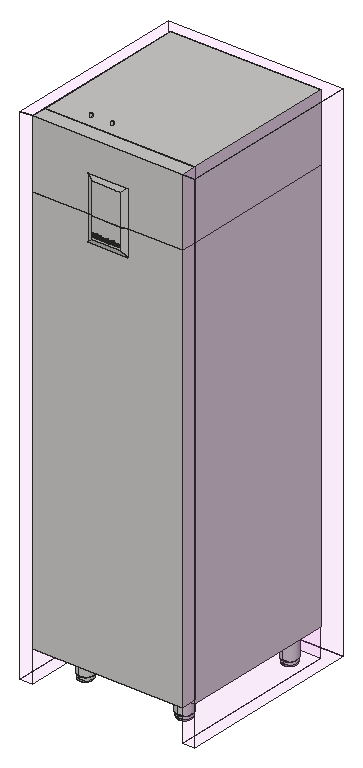
Revit family "QF_ELECTROLUXPROFESSIONAL_691340_PS04R1FRCO2", category Specialty Equipment, Revit 2018
Family settings
  Round Connector Dimension = Use Diameter
  Part Type = Normal
  Work Plane-Based = No
  Always vertical = Yes
  Cut with Voids When Loaded = No
  Shared = No
  Room Calculation Point = No
Parameters (values of type "Standard")
  Weight = 20.5746 lbm
  Watts = 0 W
  Volts = 220 V
  URL Manufacturer = "http://professional.electrolux.com"
  URL = "http://professional.electrolux.com"
  Steam Supply Size = 0"
  Steam Supply Minimum Pressure = 0.00 psi
  Steam Supply Maximum Pressure = 0.00 psi
  Steam Pounds per Hour = 0
  Show Clearance [instance] = yes
  Refrigeration Suction Line Size = 0.02625"
  Refrigeration Liquid Line Size = 0.02625"
  Refrigerant Compressor Remote = yes
  Phase = 1
  Model = "PS04R1FRCO2"
  Manufacturer = "Electrolux Professional"
  Length Actual = 600 mm  # constant formula
  Item Number = "691340"
  Hot Water Size = 0"
  Height Actual = 2040 mm  # constant formula
  HP = "0.2 HP"
  Gas Size = 0"
  Gas KW = 0
  Gas Input Pressure = 0.0 Btu/h
  Direct Waste Size = 0"
  Description = "1-DOOR REFRIGERATOR 470LT,0/+10°, PROSTORE,REMOTE,CO2+VALVE"
  Depth Actual = 700 mm  # constant formula
  Cycle = 60 Hz
  Condensate Return Size = 0"
  Compressed Air Volume = 0 GPM
  Compressed Air Size = 0"
  Compressed Air Pressure = 0.00 psi
  Cold Water Size = 0"
  Accessory = yes
Types (2, lengths in mm): name | URL | Phase | Model | Manufacturer | Description
  (no name) | "http://professional.electrolux.com/" | 0 | "RBC201" | "Electrolux" | "BLAST CHILLER 56 KG 20 GN1/1"
  Standard | "http://professional.electrolux.com" | 1 | "PS04R1FRCO2" | "Electrolux Professional" | "1-DOOR REFRIGERATOR 470LT,0/+10°, PROSTORE,REMOTE,CO2+VALVE"
Values of the unnamed type that differ from the named types
  Volts = 380 V
  URL Manufacturer = "http://professional.electrolux.com/"
  Item Number = "726624"
  Cycle = 50 Hz
Reference planes
  plane 1 "BACK": y = 0
  plane 2: z = 0
  plane 3 "LEFT": x = 0
  plane 4 "RIGHT": x = 600
  plane 5 "FRONT": y = -700
  plane 6 "TOP": z = 2040
  plane 7 "Center Y": x = 300
  plane 8 "Center X": y = -350
  plane 9: x = 102
  plane 10: x = 498
  plane 11: z = 115
  plane 12: z = 86
  plane 13: y = -80
  plane 14: y = -694
  plane 15: y = -1227
  plane 16: y = -630
  plane 17: z = 1770
  plane 18: x = -50
  plane 19: y = 50
  plane 20: x = 650
Forms (mm)
  Extrusion 1, solid, material "QF_Metal - Stainless - Polished"
    sketch origin (0, 0, 0) x (1, 0, 0) y (0, 0, 1)
      loop
        line (0, 2040) -> (0, 1770) -> (600, 1770) -> (600, 2040) -> (0, 2040)
    from 0 to 630
  Extrusion 2, solid, material "QF_Metal - Stainless - Polished"
    sketch origin (0, 0, 0) x (1, 0, 0) y (0, 0, 1)
      loop
        line (0, 1770) -> (0, 115) -> (600, 115) -> (600, 1770) -> (0, 1770)
    from 0 to 630
  Extrusion 3, solid, material "QF_Metal - Stainless - Polished"
    sketch origin (-370, 0, -128) x (1, 0, 0) y (0, 0, 1)
      loop
        circle (450, 1847.083) r 20
    from -7.507 to 0
  Extrusion 4, solid, material "QF_Door-Drawer Clearances", visible <- "Show Clearance", detail levels coarse
    sketch origin (0, 0, 0) x (1, 0, 0) y (0, 1, 0)
      loop
        line (600, -694) -> (0, -694)
        arc (0, -694) -> (187.42, -1087.232) -> (600, -1227) r 559.707
        line (600, -1227) -> (600, -694)
    from 127.536 to 1770
  Extrusion 5, solid, material "QF_Metal - Stainless - Polished"
    sketch origin (0, 130.478, 0) x (1, 0, 0) y (0, 0, 1)
      loop
        line (0, 2040) -> (0, 1770) -> (600, 1770) -> (600, 2040) -> (0, 2040)
    from 760.478 to 824.478
  Extrusion 6, solid, material "QF_Metal - Stainless - Polished"
    sketch origin (0, 140, 0) x (1, 0, 0) y (0, 0, 1)
      loop
        line (0, 1770) -> (0, 127.536) -> (600, 127.536) -> (600, 1770) -> (0, 1770)
    from 834 to 770
  Revolve 7, solid, material "QF_Metal - Stainless - Polished"
    sketch origin (497.59, -2.833, 0) x (0, 1, 0) y (0, 0, -1)
      loop
        line (-590.954, -115) -> (-553.167, -115) -> (-553.167, 0) -> (-578.757, 0)
        arc (-578.757, 0) -> (-580.973, -2.655) -> (-581.767, -6.021) r 7.527
        line (-581.767, -6.021) -> (-581.767, -17.561) -> (-585.28, -21.074) -> (-585.28, -110.008) -> (-590.954, -110.008) -> (-590.954, -115)
      axis (-553.167, 0) -> (-553.167, -115)
    angle from 0 to 360
  Revolve 8, solid, material "QF_Metal - Stainless - Polished"
    sketch origin (102, -2.833, 0) x (0, 1, 0) y (0, 0, 1)
      loop
        line (-590.954, 115) -> (-590.954, 110.008) -> (-585.28, 110.008) -> (-585.28, 21.074) -> (-581.767, 17.561) -> (-581.767, 6.021)
        arc (-581.767, 6.021) -> (-580.973, 2.655) -> (-578.757, 0) r 7.527
        line (-578.757, 0) -> (-553.167, 0) -> (-553.167, 115) -> (-590.954, 115)
      axis (-553.167, 0) -> (-553.167, 115)
    angle from 0 to 360
  Revolve 9, solid, material "QF_Metal - Stainless - Polished"
    sketch origin (538, -759.167, 0) x (0, -1, 0) y (0, 0, 1)
      loop
        line (-716.954, 115) -> (-716.954, 110.008) -> (-711.28, 110.008) -> (-711.28, 21.074) -> (-707.767, 17.561) -> (-707.767, 6.021)
        arc (-707.767, 6.021) -> (-706.973, 2.655) -> (-704.757, 0) r 7.527
        line (-704.757, 0) -> (-679.167, 0) -> (-679.167, 115) -> (-716.954, 115)
      axis (-679.167, 0) -> (-679.167, 115)
    angle from 0 to 360
  Revolve 10, solid, material "QF_Metal - Stainless - Polished"
    sketch origin (62, -759.167, 0) x (0, -1, 0) y (0, 0, 1)
      loop
        line (-716.954, 115) -> (-716.954, 110.008) -> (-711.28, 110.008) -> (-711.28, 21.074) -> (-707.767, 17.561) -> (-707.767, 6.021)
        arc (-707.767, 6.021) -> (-706.973, 2.655) -> (-704.757, 0) r 7.527
        line (-704.757, 0) -> (-679.167, 0) -> (-679.167, 115) -> (-716.954, 115)
      axis (-679.167, 0) -> (-679.167, 115)
    angle from 0 to 360
  Blend 11, solid, material "QF_Metal - Stainless - Polished"
    base sketch origin (-150, -694, 0) x (1, 0, 0) y (0, 0, 1)
      loop
        line (370, 1914.822) -> (370, 1664.822) -> (530, 1664.822) -> (530, 1914.822) -> (370, 1914.822)
    top sketch origin (-150, -694, 0) x (1, 0, 0) y (0, 0, 1)
      loop
        line (510, 1894.822) -> (390, 1894.822) -> (390, 1684.822) -> (510, 1684.822) -> (510, 1894.822)
    from 0 to 6
  Extrusion 12, void
    sketch origin (-150, -700, 0) x (-1, 0, 0) y (0, 0, 1)
      loop
        line (-370, 1770.997) -> (-530, 1770.997) -> (-530, 1769.003) -> (-370, 1769.003) -> (-370, 1770.997)
    from 0 to 6
  Extrusion 13, solid, material "QF_Metal - Stainless - Polished"
    sketch origin (-197.1, -490.153, 2040) x (1, 0, 0) y (0, 1, 0)
      loop
        circle (425.128, -89.847) r 4
    from 0 to 10
  Extrusion 14, solid, material "QF_Metal - Stainless - Polished"
    sketch origin (-282.128, -490.153, 2040) x (1, 0, 0) y (0, 1, 0)
      loop
        circle (425.128, -89.847) r 4
    from 0 to 10
  Extrusion 15, solid, material "QF_Door-Drawer Clearances"
    sketch origin (0, 0, 0) x (1, 0, 0) y (0, 1, 0)
      loop
        line (0, -694) -> (0, 0) -> (600, 0) -> (600, -694) -> (650, -694) -> (650, 50) -> (-50, 50) -> (-50, -694) -> (0, -694)
    from 0 to 2040
Cuts and joins
  Extrusion 12 cuts Extrusion 1
  Extrusion 12 cuts Extrusion 2
  Extrusion 12 cuts Extrusion 5
  Extrusion 12 cuts Extrusion 6
  Extrusion 12 cuts Blend 11
Lines and regions (mm)
  Split face 1
    outline origin (-150, -700, 0) x (1, 0, 0) y (0, 0, 1)
      loop
        line (415, 1894.822) -> (415, 1742.499) -> (485, 1742.499) -> (485, 1894.822)
  symbolic lines
    curve 1: line (0, 0, 0) -> (600, 0, 0)
    curve 2: line (0, -694, 0) -> (0, 0, 0)
    curve 3: line (600, -694, 0) -> (0, -694, 0)
    curve 4: line (600, 0, 0) -> (600, -694, 0)
    curve 5: line (0, -630, 0) -> (600, -630, 0)
    curve 6: line (220, -694, 0) -> (240, -700, 0)
    curve 7: line (240, -700, 0) -> (360, -700, 0)
    curve 8: line (360, -700, 0) -> (380, -694, 0)
  symbolic lines, style "QF_Door-Drawer Clearances"
    curve 9: arc (0, -694, 0) -> (187.42, -1087.232, 0) -> (600, -1227, 0) r 559.707
    curve 10: line (600, -1227, 0) -> (600, -694, 0)
    curve 11: line (0, -694, 0) -> (-50, -694, 0)
    curve 12: line (-50, -694, 0) -> (-50, 50, 0)
    curve 13: line (-50, 50, 0) -> (650, 50, 0)
    curve 14: line (650, 50, 0) -> (650, -694, 0)
    curve 15: line (650, -694, 0) -> (600, -694, 0)
Dimensions and locks
  equal spacing: plane 3 "LEFT", plane 7 "Center Y", plane 4 "RIGHT"
  plane 3 "LEFT" to plane 4 "RIGHT" = 600 mm
  equal spacing: plane 5 "FRONT", plane 8 "Center X", plane 1 "BACK"
  plane 5 "FRONT" to plane 1 "BACK" = 700 mm
  plane 6 "TOP" to level = 2040 mm
  plane 9 to plane 3 "LEFT" = 102 mm
  plane 10 to plane 4 "RIGHT" = 102 mm
  plane 11 to level = 115 mm
  plane 12 to plane 11 = 29 mm
  plane 1 "BACK" to plane 13 = 80 mm
  plane 15 to plane 1 "BACK" = 1227 mm
  plane 3 "LEFT" to Extrusion 4 = 600 mm
  plane 11 to plane 2 = 115 mm
  plane 1 "BACK" to plane 16 = 630 mm
  plane 18 to plane 3 "LEFT" = 50 mm
  plane 4 "RIGHT" to plane 20 = 50 mm
  plane 1 "BACK" to plane 19 = 50 mm
  aligned and locked: level to plane 2
  aligned and locked: Extrusion 5 to plane 4 "RIGHT"
  aligned and locked: Extrusion 5 to plane 3 "LEFT"
  aligned and locked: plane 5 "FRONT" to Blend 11
Automatic sketch dimensions
  Extrusion 1 sketch curve to plane 3 "LEFT" = 0 mm
  plane 4 "RIGHT" to Extrusion 1 sketch curve = 0 mm
  Extrusion 1 sketch curve to plane 17 = 0 mm
  Extrusion 1 sketch curve to plane 6 "TOP" = 0 mm
  Extrusion 2 sketch curve to plane 3 "LEFT" = 0 mm
  plane 4 "RIGHT" to Extrusion 2 sketch curve = 0 mm
  Extrusion 2 sketch curve to plane 11 = 0 mm
  Extrusion 2 sketch curve to plane 17 = 0 mm
  Extrusion 3 sketch curve to plane 9 = 22 mm
  Extrusion 3 sketch curve to plane 17 = 50.917 mm
  Extrusion 4 sketch curve to plane 3 "LEFT" = 0 mm
  Extrusion 4 sketch curve to plane 4 "RIGHT" = 0 mm
  Extrusion 4 sketch curve to plane 15 = 0 mm
  plane 14 to Extrusion 4 sketch curve = 0 mm
  Extrusion 4 sketch curve to plane 14 = 25.214 mm
  Extrusion 5 sketch curve to plane 3 "LEFT" = 0 mm
  plane 4 "RIGHT" to Extrusion 5 sketch curve = 0 mm
  Extrusion 5 sketch curve to plane 17 = 0 mm
  Extrusion 5 sketch curve to plane 6 "TOP" = 0 mm
  Extrusion 6 sketch curve to plane 3 "LEFT" = 0 mm
  plane 4 "RIGHT" to Extrusion 6 sketch curve = 0 mm
  Extrusion 6 sketch curve to plane 17 = 0 mm
  plane 11 to Extrusion 6 sketch curve = 12.536 mm
  plane 11 to Revolve 7 sketch curve = 0 mm
  Revolve 7 sketch curve to level = 0 mm
  plane 16 to Revolve 7 sketch curve = 36.213 mm
  Revolve 7 sketch curve to Revolve 7 sketch curve = 5.674 mm
  Revolve 7 sketch curve to Revolve 7 sketch curve = 3.513 mm  (x2)
  Revolve 7 sketch curve to Revolve 7 sketch curve = 3.01 mm
  level to Revolve 7 sketch curve = 6.021 mm
  Revolve 7 sketch curve to Revolve 7 sketch curve = 21.073 mm
  Revolve 7 sketch curve to plane 11 = 4.992 mm  (x2)
  Revolve 7 sketch curve to Revolve 7 sketch curve = 15.053 mm
  Revolve 7 sketch curve to Revolve 7 sketch curve = 0 mm
  Revolve 7 sketch curve to Revolve 7 sketch curve = 20.008 mm
  Revolve 8 sketch curve to plane 11 = 0 mm
  Revolve 8 sketch curve to level = 0 mm
  plane 16 to Revolve 8 sketch curve = 36.213 mm
  Revolve 8 sketch curve to Revolve 8 sketch curve = 5.674 mm
  Revolve 8 sketch curve to Revolve 8 sketch curve = 3.513 mm  (x2)
  Revolve 8 sketch curve to Revolve 8 sketch curve = 3.01 mm
  level to Revolve 8 sketch curve = 6.021 mm
  Revolve 8 sketch curve to Revolve 8 sketch curve = 21.073 mm
  Revolve 8 sketch curve to Revolve 8 sketch curve = 11.54 mm
  Revolve 8 sketch curve to plane 11 = 4.992 mm
  Revolve 8 sketch curve to Revolve 8 sketch curve = 0 mm
  Revolve 8 sketch curve to Revolve 8 sketch curve = 4.992 mm
  plane 11 to Revolve 8 sketch curve = 20.008 mm
  Revolve 9 sketch curve to plane 11 = 0 mm
  Revolve 9 sketch curve to level = 0 mm
  Revolve 9 sketch curve to plane 13 = 0 mm  (x2)
  level to Revolve 9 sketch curve = 6.021 mm
  Revolve 9 sketch curve to plane 13 = 21.073 mm
  Revolve 9 sketch curve to Revolve 9 sketch curve = 4.517 mm
  Revolve 9 sketch curve to Revolve 9 sketch curve = 3.513 mm  (x2)
  Revolve 9 sketch curve to Revolve 9 sketch curve = 5.674 mm
  Revolve 9 sketch curve to Revolve 9 sketch curve = 11.54 mm
  Revolve 9 sketch curve to plane 11 = 4.992 mm
  Revolve 9 sketch curve to Revolve 9 sketch curve = 4.992 mm
  plane 11 to Revolve 9 sketch curve = 20.008 mm
  Revolve 10 sketch curve to plane 11 = 0 mm
  Revolve 10 sketch curve to level = 0 mm
  Revolve 10 sketch curve to plane 13 = 0 mm  (x2)
  Revolve 10 sketch curve to level = 6.021 mm
  plane 13 to Revolve 10 sketch curve = 21.073 mm
  Revolve 10 sketch curve to Revolve 10 sketch curve = 4.517 mm
  Revolve 10 sketch curve to Revolve 10 sketch curve = 3.513 mm  (x2)
  Revolve 10 sketch curve to Revolve 10 sketch curve = 5.674 mm
  Revolve 10 sketch curve to Revolve 10 sketch curve = 11.54 mm
  plane 11 to Revolve 10 sketch curve = 4.992 mm  (x2)
  Revolve 10 sketch curve to Revolve 10 sketch curve = 20.008 mm
  Blend 11 sketch curve to Extrusion 6 = 105.178 mm
  Blend 11 sketch curve to Extrusion 6 = 220 mm
  Blend 11 sketch curve to Blend 11 sketch curve = 160 mm
  Extrusion 6 to Blend 11 sketch curve = 144.822 mm
  Extrusion 6 to Blend 11 sketch curve = 124.822 mm
  Blend 11 sketch curve to Extrusion 6 = 240 mm
  Blend 11 sketch curve to Blend 11 sketch curve = 120 mm
  Blend 11 sketch curve to Extrusion 6 = 85.178 mm
  Split face 1 sketch curve to Blend 11 = 0 mm  (x2)
  Split face 1 sketch curve to Blend 11 = 25 mm  (x2)
  Split face 1 sketch curve to Blend 11 = 57.677 mm
  Extrusion 12 sketch curve to Blend 11 = 20 mm  (x2)
  Blend 11 to Extrusion 12 sketch curve = 84.181 mm
  Extrusion 12 sketch curve to Extrusion 12 sketch curve = 1.995 mm
  Extrusion 1 to Extrusion 13 sketch curve = 580 mm
  Extrusion 13 sketch curve to Extrusion 1 = 371.972 mm
  Extrusion 1 to Extrusion 14 sketch curve = 580 mm
  Extrusion 14 sketch curve to Extrusion 1 = 457 mm
  Extrusion 15 sketch curve to plane 18 = 0 mm
  plane 1 "BACK" to Extrusion 15 sketch curve = 0 mm
  Extrusion 15 sketch curve to plane 3 "LEFT" = 0 mm
  Extrusion 15 sketch curve to plane 4 "RIGHT" = 0 mm
  Extrusion 15 sketch curve to plane 19 = 0 mm
  Extrusion 15 sketch curve to plane 20 = 0 mm
  plane 14 to Extrusion 15 sketch curve = 0 mm  (x2)
  curve 13 to plane 18 = 0 mm
  curve 3 to plane 3 "LEFT" = 0 mm
  plane 5 "FRONT" to curve 7 = 0 mm
  curve 9 to plane 4 "RIGHT" = 0 mm
  curve 15 to plane 4 "RIGHT" = 0 mm
  plane 14 to curve 14 = 0 mm
  curve 14 to plane 20 = 0 mm
  curve 10 to plane 15 = 0 mm
  curve 5 to plane 16 = 0 mm
  plane 1 "BACK" to curve 4 = 0 mm
  curve 13 to plane 19 = 0 mm
  curve 7 to plane 7 "Center Y" = 60 mm
  plane 7 "Center Y" to curve 8 = 60 mm
  curve 9 to plane 14 = 25.214 mm
  curve 6 to curve 6 = 20 mm
  curve 7 to curve 8 = 20 mm
  radius of Extrusion 3 sketch curve = 20 mm
  radius of Extrusion 13 sketch curve = 4 mm
  radius of Extrusion 14 sketch curve = 4 mm
Nested families
  nested 1: "ELX_Logo_S" at (300.625, -700, 1704.375) x (1, 0, 0) z (0, -1, 0), type "ELX_Logo_S"
Connectors
  electrical at (80, 7.507, 1719.083), driven by "Volts"
    settings: on Extrusion 3, index 2, voltage 220 V, apparent load 0 VA, apparent load phase1 0 VA, apparent load phase2 0 VA, apparent load phase3 0 VA, power factor 1, load classification "Other", number of poles 1, system type 30, power factor state 1, is connector primary yes, connector utility no, sub classification motor no, connector description "Electrical Connection"
  piping at (228.028, -580, 2050), diameter 8
    settings: on Extrusion 13, index 3, connector inside diameter 24", connector length 0 mm, flow factor 0, pipe flow 0 GPM, pressure drop 0.00 psi, fitting loss kfactor 0, connector angle 0.00°, fixture units 0, engagement length 0 mm, angle of deflection 0.00°, flow configuration 0, flow direction 0, fitting loss method 0, system type 22, joint type 0, gender type 0, connector reference index -1, connector utility 0, adjustable connector no, is connector primary yes, connector description "Refrigerant outlet"
  piping at (143, -580, 2050), diameter 8
    settings: on Extrusion 14, index 4, connector inside diameter 24", connector length 0 mm, flow factor 0, pipe flow 0 GPM, pressure drop 0.00 psi, fitting loss kfactor 0, connector angle 0.00°, fixture units 0, engagement length 0 mm, angle of deflection 0.00°, flow configuration 0, flow direction 0, fitting loss method 0, system type 22, joint type 0, gender type 0, connector reference index -1, connector utility 0, adjustable connector no, is connector primary no, connector description "Refrigerant inlet"
Definition of nested family "ELX_Logo_S"
  Parameters (values of type "ELX_Logo_S")
    Default Elevation = 0 mm
  Reference planes
    plane 1 "Centro (Fronte/Retro)": y = 0
    plane 2: z = 0
    plane 3 "Centro (Sinistra/Destra)": x = 0
  Forms (mm)
    Extrusion 1, solid
      sketch origin (0, 0, 0) x (1, 0, 0) y (0, 1, 0)
        loop
          line (-1219.2, 1219.2) -> (-1219.2, -1219.2) -> (1219.2, -1219.2) -> (1219.2, 1219.2) -> (-1219.2, 1219.2)
      from 0 to -304.8
    Extrusion 2, solid
      sketch origin (0, 0, 0) x (1, 0, 0) y (0, 1, 0)
        loop
          line (-43.793, 5.912) -> (-43.793, -6.455)
          arc (-43.793, -6.455) -> (-39.222, -0.272) -> (-43.793, 5.912) r 6.467
        loop
          arc (-44.422, 5.912) -> (-49.565, 4.743) -> (-52.043, 0.087) r 6.338
          line (-52.043, 0.087) -> (-49.997, 0.087)
          arc (-49.997, 0.087) -> (-46.342, 1.57) -> (-44.422, 5.016) r 5.941
          line (-44.422, 5.016) -> (-44.422, 5.912)
        loop
          arc (-44.422, -5.559) -> (-46.342, -2.114) -> (-49.997, -0.63) r 5.941
          line (-49.997, -0.63) -> (-52.043, -0.63)
          arc (-52.043, -0.63) -> (-49.569, -5.324) -> (-44.422, -6.614) r 6.504
          line (-44.422, -6.614) -> (-44.422, -5.559)
        loop
          line (-52.512, 6.586) -> (-52.512, -7.158) -> (-38.749, -7.158) -> (-38.749, 6.586) -> (-52.512, 6.586)
        loop
          arc (-35.782, 6.67) -> (-36.139, 6.322) -> (-35.801, 5.955) r 0.358
          arc (-35.801, 5.955) -> (-35.051, 5.641) -> (-34.666, 4.924) r 1.216
          line (-34.666, 4.924) -> (-34.666, -5.488)
          arc (-34.666, -5.488) -> (-34.944, -6.148) -> (-35.54, -6.544) r 1.238
          arc (-35.54, -6.544) -> (-35.791, -6.939) -> (-35.437, -7.244) r 0.358
          line (-35.437, -7.244) -> (-25.558, -7.244) -> (-25.558, -4.494) -> (-26.455, -4.494)
          arc (-26.455, -4.494) -> (-27.035, -5.403) -> (-28.012, -5.858) r 1.928
          line (-28.012, -5.858) -> (-30.511, -5.858)
          arc (-30.511, -5.858) -> (-31.24, -5.583) -> (-31.604, -4.894) r 1.101
          line (-31.604, -4.894) -> (-31.604, -0.808) -> (-27.931, -0.808)
          arc (-27.931, -0.808) -> (-27.434, -1.16) -> (-27.206, -1.725) r 1.083
          arc (-27.206, -1.725) -> (-26.9, -1.989) -> (-26.622, -1.697) r 0.292
          line (-26.622, -1.697) -> (-26.622, 1.265)
          arc (-26.622, 1.265) -> (-26.895, 1.568) -> (-27.225, 1.329) r 0.305
          arc (-27.225, 1.329) -> (-27.473, 0.839) -> (-27.931, 0.534) r 1.083
          line (-27.931, 0.534) -> (-31.604, 0.534) -> (-31.604, 5.211) -> (-27.857, 5.211)
          arc (-27.857, 5.211) -> (-27.101, 4.997) -> (-26.603, 4.39) r 1.314
          arc (-26.603, 4.39) -> (-26.199, 4.171) -> (-25.907, 4.526) r 0.361
          line (-25.907, 4.526) -> (-25.907, 6.67) -> (-35.782, 6.67)
        loop
          arc (-25.126, 5.953) -> (-24.207, 5.572) -> (-23.827, 4.654) r 1.299
          line (-23.827, 4.654) -> (-23.827, -4.925)
          arc (-23.827, -4.925) -> (-24.205, -5.763) -> (-25.083, -6.035) r 1.118
          line (-25.083, -6.035) -> (-25.083, -7.244) -> (-19.733, -7.244) -> (-19.733, -6.056)
          arc (-19.733, -6.056) -> (-20.65, -5.784) -> (-21.046, -4.914) r 1.153
          line (-21.046, -4.914) -> (-21.046, 7.158) -> (-25.126, 5.953)
        loop
          line (-17.097, -2.28) -> (-10.65, -2.28) -> (-10.65, -1.481)
          arc (-10.65, -1.481) -> (-11.634, 1.1) -> (-14.088, 2.369) r 3.874
          line (-14.088, 2.369) -> (-15.848, 2.369)
          arc (-15.848, 2.369) -> (-18.713, 1.182) -> (-19.899, -1.682) r 4.051
          line (-19.899, -1.682) -> (-19.899, -3.691)
          arc (-19.899, -3.691) -> (-18.414, -6.509) -> (-15.407, -7.561) r 4.352
          arc (-15.407, -7.561) -> (-12.944, -7.196) -> (-10.87, -5.819) r 5.713
          line (-10.87, -5.819) -> (-10.87, -4.87)
          arc (-10.87, -4.87) -> (-12.439, -5.603) -> (-14.157, -5.819) r 5.579
          arc (-14.157, -5.819) -> (-16.12, -5.025) -> (-17.097, -3.146) r 3.057
          line (-17.097, -3.146) -> (-17.097, -2.28)
        loop
          line (-17.097, -1.02) -> (-13.515, -1.02)
          arc (-13.515, -1.02) -> (-13.468, 0.436) -> (-14.627, 1.319) r 1.59
          line (-14.627, 1.319) -> (-15.457, 1.319)
          arc (-15.457, 1.319) -> (-16.712, 0.455) -> (-17.097, -1.02) r 2.184
        loop
          arc (-1.232, 1.771) -> (-2.906, 2.259) -> (-4.643, 2.417) r 9.023
          line (-4.643, 2.417) -> (-6.005, 2.417)
          arc (-6.005, 2.417) -> (-8.805, 1.257) -> (-9.965, -1.542) r 3.959
          line (-9.965, -1.542) -> (-9.965, -4.142)
          arc (-9.965, -4.142) -> (-8.672, -6.424) -> (-6.299, -7.541) r 4.331
          line (-6.299, -7.541) -> (-4.164, -7.541)
          arc (-4.164, -7.541) -> (-2.614, -7.033) -> (-1.268, -6.112) r 5.772
          arc (-1.268, -6.112) -> (-1.217, -5.35) -> (-1.976, -5.263) r 0.553
          arc (-1.976, -5.263) -> (-2.71, -5.651) -> (-3.529, -5.785) r 2.573
          line (-3.529, -5.785) -> (-5.044, -5.785)
          arc (-5.044, -5.785) -> (-6.686, -4.779) -> (-7.328, -2.965) r 2.884
          line (-7.328, -2.965) -> (-7.328, -1.686)
          arc (-7.328, -1.686) -> (-6.768, 0.135) -> (-5.103, 1.062) r 2.554
          line (-5.103, 1.062) -> (-4.05, 1.062)
          arc (-4.05, 1.062) -> (-3.122, 0.73) -> (-2.387, 0.073) r 2.564
          arc (-2.387, 0.073) -> (-1.67, -0.148) -> (-1.232, 0.461) r 0.643
          line (-1.232, 0.461) -> (-1.232, 1.771)
        loop
          line (-0.962, 0.752) -> (0.539, 0.752) -> (0.539, -5.296)
          arc (0.539, -5.296) -> (1.197, -6.884) -> (2.785, -7.541) r 2.246
          line (2.785, -7.541) -> (4.369, -7.541)
          arc (4.369, -7.541) -> (5.233, -7.228) -> (6.005, -6.727) r 4.06
          arc (6.005, -6.727) -> (6.138, -5.995) -> (5.437, -5.743) r 0.576
          arc (5.437, -5.743) -> (4.911, -5.849) -> (4.379, -5.785) r 1.69
          arc (4.379, -5.785) -> (3.591, -5.244) -> (3.288, -4.337) r 1.506
          line (3.288, -4.337) -> (3.288, 0.801) -> (5.685, 0.801) -> (6.241, 1.357) -> (6.241, 2.179) -> (3.382, 2.179) -> (3.382, 5.41) -> (-0.962, 0.752)
        loop
          line (7.139, -7.324) -> (12.526, -7.324) -> (12.526, -6.214)
          arc (12.526, -6.214) -> (11.575, -5.82) -> (11.181, -4.869) r 1.345
          line (11.181, -4.869) -> (11.181, -1.253)
          arc (11.181, -1.253) -> (11.773, -0.488) -> (12.695, -0.199) r 1.615
          line (12.695, -0.199) -> (14.251, -0.199) -> (14.936, 2.357) -> (13.553, 2.357) -> (10.994, 0.414) -> (10.994, 2.295) -> (8.288, 2.01)
          arc (8.288, 2.01) -> (7.758, 1.571) -> (7.959, 0.912) r 0.621
          arc (7.959, 0.912) -> (8.301, 0.512) -> (8.484, 0.018) r 1.501
          line (8.484, 0.018) -> (8.484, -4.869)
          arc (8.484, -4.869) -> (8.09, -5.82) -> (7.139, -6.214) r 1.345
          line (7.139, -6.214) -> (7.139, -7.324)
        loop
          line (14.473, -1.222) -> (14.473, -3.914)
          arc (14.473, -3.914) -> (15.781, -6.36) -> (18.311, -7.494) r 4.288
          arc (18.311, -7.494) -> (19.692, -7.557) -> (21.072, -7.494) r 15.022
          arc (21.072, -7.494) -> (23.603, -6.36) -> (24.91, -3.914) r 4.288
          line (24.91, -3.914) -> (24.91, -1.222)
          arc (24.91, -1.222) -> (23.603, 1.223) -> (21.072, 2.357) r 4.288
          arc (21.072, 2.357) -> (19.692, 2.421) -> (18.311, 2.357) r 15.022
          arc (18.311, 2.357) -> (15.781, 1.223) -> (14.473, -1.222) r 4.288
        loop
          line (17.587, -1.017) -> (17.587, -4.119)
          arc (17.587, -4.119) -> (19.744, -6.276) -> (21.901, -4.119) r 2.157
          line (21.901, -4.119) -> (21.901, -1.017)
          arc (21.901, -1.017) -> (19.744, 1.14) -> (17.587, -1.017) r 2.157
        loop
          arc (24.768, 5.964) -> (25.662, 5.593) -> (26.033, 4.699) r 1.264
          line (26.033, 4.699) -> (26.033, -5.165)
          arc (26.033, -5.165) -> (25.636, -6.035) -> (24.72, -6.307) r 1.153
          line (24.72, -6.307) -> (24.72, -7.244) -> (29.828, -7.244) -> (29.828, -6.316)
          arc (29.828, -6.316) -> (29.056, -5.957) -> (28.741, -5.165) r 1.153
          line (28.741, -5.165) -> (28.741, 7.158) -> (24.768, 5.964)
        loop
          arc (29.365, 1.084) -> (30.43, 0.885) -> (30.912, -0.085) r 1.215
          line (30.912, -0.085) -> (30.912, -5.105)
          arc (30.912, -5.105) -> (31.559, -6.719) -> (33.142, -7.44) r 2.338
          line (33.142, -7.44) -> (34.657, -7.44)
          arc (34.657, -7.44) -> (35.661, -7.266) -> (36.547, -6.763) r 2.979
          line (36.547, -6.763) -> (38.344, -7.244) -> (40.032, -7.244) -> (40.032, 2.181) -> (35.829, 1.887) -> (35.829, 1.101)
          arc (35.829, 1.101) -> (36.665, 0.745) -> (37.174, -0.007) r 1.605
          line (37.174, -0.007) -> (37.174, -5.11)
          arc (37.174, -5.11) -> (36.237, -5.531) -> (35.213, -5.603) r 2.94
          arc (35.213, -5.603) -> (34.112, -5.042) -> (33.669, -3.889) r 1.724
          line (33.669, -3.889) -> (33.669, 2.307) -> (29.365, 1.084)
        loop
          line (40.886, 2.112) -> (42.932, 0.44) -> (45.238, -2.734) -> (42.126, -6.191)
          arc (42.126, -6.191) -> (41.732, -6.428) -> (41.273, -6.405) r 0.789
          line (41.273, -6.405) -> (41.273, -7.244) -> (44.818, -7.244) -> (44.818, -6.418)
          arc (44.818, -6.418) -> (44.456, -6.076) -> (44.548, -5.586) r 0.52
          line (44.548, -5.586) -> (46.019, -3.786) -> (47.394, -5.904)
          arc (47.394, -5.904) -> (47.084, -6.305) -> (46.585, -6.392) r 0.7
          line (46.585, -6.392) -> (46.585, -7.244) -> (52.512, -7.244) -> (52.512, -6.358)
          arc (52.512, -6.358) -> (51.853, -6.291) -> (51.322, -5.896) r 1.247
          line (51.322, -5.896) -> (48.041, -1.696) -> (50.094, 0.751) -> (51.836, 2.112) -> (48.112, 2.112) -> (48.535, 0.627) -> (47.258, -0.895) -> (46.068, 0.806) -> (46.844, 2.112) -> (40.886, 2.112)
      from 0 to 1.644
  Dimensions and locks
    aligned and locked: plane 2 to Extrusion 1
    aligned and locked: level to Extrusion 1
